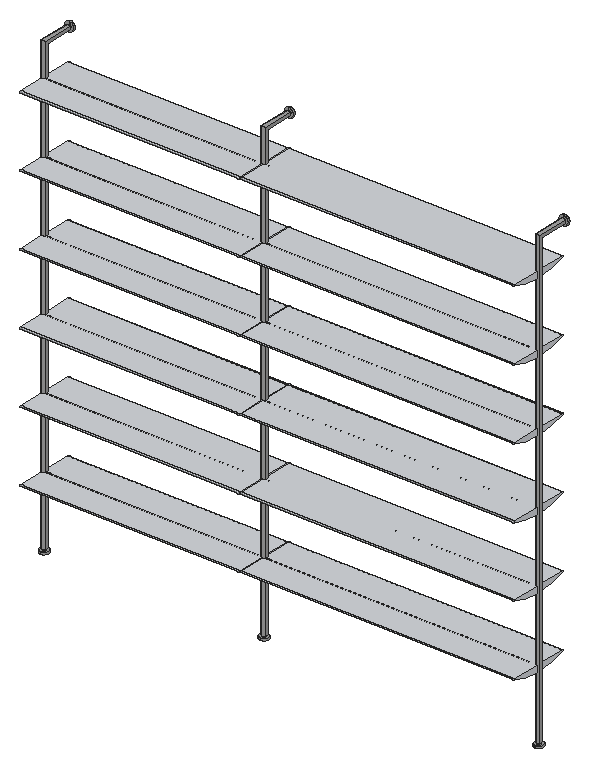
Revit family "Sailor_Parete_Composizione_1", category Arredi, Revit 2017
Family settings
  Numero OmniClass = 23.40.20.00
  Titolo OmniClass = General Furniture and Specialties
  Basato su piano di lavoro = No
  Sempre verticale = Sì
  Taglio con vuoti quando caricato = No
  Condiviso = No
  Punto di calcolo locali = No
Parameters
  VisibModulo4 = no
  VisibModulo3 = no
  VisibModulo2 = yes
  URL = "www.livingdivani.it"
  Produttore = "Living Divani"
  Modello = "Sailor"
  Lunghezza Modulo 3 = 900 mm
  Lunghezza Modulo 2 = 1500 mm
  Lunghezza Modulo 4 = 900 mm
  Lunghezza Modulo 1 = 1200 mm
Reference planes
  plane 1 "Centro (Fronte/Retro)": y = 0
  plane 2: z = 0
  plane 3 "Centro (Sinistra/Destra)": x = 0
Dimensions and locks
  aligned and locked: level to plane 2
  aligned and locked: nested 2 to nested 1
  aligned and locked: nested 3 to nested 2
  aligned and locked: nested 2 to nested 3
  aligned and locked: nested 4 to nested 3
  aligned and locked: nested 3 to nested 4
Nested families
  nested 1: "Sailor_Modulo_Base_Parete" at (0, 0, 0), LunghezzaRipiano <- "Lunghezza Modulo 1", type "Modulo 1"
    with VisibRipiano6 yes, VisibRipiano5 yes, VisibRipiano4 yes, VisibRipiano3 yes, VisibRipiano2 yes, VisibRipiano1 yes, LunghezzaRipiano 1200 mm
  nested 2: "Sailor_Modulo_Base_Parete" at (1200, 0, 0), LunghezzaRipiano <- "Lunghezza Modulo 2", visible <- "VisibModulo2", type "Modulo 2"
    with VisibRipiano6 yes, VisibRipiano5 yes, VisibRipiano4 yes, VisibRipiano3 yes, VisibRipiano2 yes, VisibRipiano1 yes, LunghezzaRipiano 1500 mm, PrimaAsta no
  nested 3: "Sailor_Modulo_Base_Parete" at (2700, 0, 0), LunghezzaRipiano <- "Lunghezza Modulo 3", visible <- "VisibModulo3", type "Modulo 3"
    with VisibRipiano6 yes, VisibRipiano5 yes, VisibRipiano4 yes, VisibRipiano3 yes, VisibRipiano2 yes, VisibRipiano1 yes, LunghezzaRipiano 900 mm, PrimaAsta no
  nested 4: "Sailor_Modulo_Base_Parete" at (3600, 0, 0), LunghezzaRipiano <- "Lunghezza Modulo 4", visible <- "VisibModulo4", type "Modulo 4"
    with VisibRipiano6 yes, VisibRipiano5 yes, VisibRipiano4 yes, VisibRipiano3 yes, VisibRipiano2 yes, VisibRipiano1 yes, LunghezzaRipiano 900 mm, PrimaAsta no
Definition of nested family "Sailor_Modulo_Base_Parete"
  Parameters (values of type "Sailor_Modulo_Base_Parete")
    VisibRipiano6 [instance] = yes
    VisibRipiano5 [instance] = yes
    VisibRipiano4 [instance] = yes
    VisibRipiano3 [instance] = yes
    VisibRipiano1 [instance] = yes
    VisibRipiano2 [instance] = yes
    Ripiani = none
    PrimaAsta = yes
    LunghezzaRipiano [instance] = 900 mm
    Aste = none
  Reference planes
    plane 1 "Centro (Fronte/Retro)": y = 0
    plane 2: z = 0
    plane 3 "Centro (Sinistra/Destra)": x = 0
    plane 4: y = 0
    plane 5 "Lunghezza Ripiano": x = 900
    plane 6 "primo ripiano": z = 383
    plane 7: y = 0
    plane 8: y = 0
    plane 9: y = 0
    plane 10: y = 0
    plane 11: y = 0
  Forms (mm)
    Revolve 1, solid, material <- "Aste", visible <- "PrimaAsta"
      sketch origin (0, 0, 0) x (0, 1, 0) y (0, 0, 1)
        loop
          line (0, 20) -> (0, 0) -> (19, 0) -> (20.125, 2.25) -> (25, 2.25) -> (25, 9.915) -> (7.761, 9.915) -> (6.996, 12.974) -> (5, 12.974) -> (5, 14.189) -> (7.229, 20) -> (0, 20)
        axis (0, 0) -> (0, 20)
      angle from 0 to 360
    Extrusion 2, solid, material <- "Ripiani", visible <- "VisibRipiano1"
      sketch origin (0, -315.449, -968.719) x (0, 1, 0) y (0, 0, 1)
        loop
          arc (153.449, 1369.219) -> (150.496, 1366.748) -> (152.408, 1363.405) r 3
          arc (152.408, 1363.405) -> (315.449, 1334.219) -> (478.489, 1363.405) r 469.983
          arc (478.489, 1363.405) -> (480.402, 1366.748) -> (477.449, 1369.219) r 3
          line (477.449, 1369.219) -> (153.449, 1369.219)
        loop
          circle (315.449, 1351.719) r 8
      from 0 to 900 <- "LunghezzaRipiano"
    Extrusion 3, solid, visible <- "PrimaAsta", not visible
      sketch origin (0, 0, 0) x (1, 0, 0) y (0, 1, 0)
        loop
          line (12.5, 7.217) -> (0, 14.434) -> (-12.5, 7.217) -> (-12.5, -7.217) -> (0, -14.434) -> (12.5, -7.217) -> (12.5, 7.217)
      from 20 to 2670
    Revolve 4, solid, visible <- "PrimaAsta", not visible
      sketch origin (0, 0, 0) x (0, 1, 0) y (0, 0, 1)
        loop
          line (0, 20) -> (0, 0) -> (19, 0) -> (20.125, 2.25) -> (25, 2.25) -> (25, 9.915) -> (7.761, 9.915) -> (6.996, 12.974) -> (5, 12.974) -> (5, 14.189) -> (7.229, 20) -> (0, 20)
        axis (0, 0) -> (0, 20)
      angle from 0 to 360
    Revolve 5, solid, visible <- "PrimaAsta", not visible
      sketch origin (0, 0, 2690) x (0, 1, 0) y (0, 0, -1)
        loop
          line (0, 20) -> (0, 0) -> (19, 0) -> (20.125, 2.25) -> (25, 2.25) -> (25, 9.915) -> (7.761, 9.915) -> (6.996, 12.974) -> (5, 12.974) -> (5, 14.189) -> (7.229, 20) -> (0, 20)
        axis (0, 0) -> (0, 20)
      angle from 0 to 360
    Revolve 6, solid, material <- "Aste"
      sketch origin (900, 0, 0) x (0, 1, 0) y (0, 0, 1)
        loop
          line (0, 20) -> (0, 0) -> (19, 0) -> (20.125, 2.25) -> (25, 2.25) -> (25, 9.915) -> (7.761, 9.915) -> (6.996, 12.974) -> (5, 12.974) -> (5, 14.189) -> (7.229, 20) -> (0, 20)
        axis (0, 0) -> (0, 20)
      angle from 0 to 360
    Extrusion 7, solid, material <- "Ripiani", visible <- "VisibRipiano2"
      sketch origin (0, -315.449, -583.719) x (0, 1, 0) y (0, 0, 1)
        loop
          arc (153.449, 1369.219) -> (150.496, 1366.748) -> (152.408, 1363.405) r 3
          arc (152.408, 1363.405) -> (315.449, 1334.219) -> (478.489, 1363.405) r 469.983
          arc (478.489, 1363.405) -> (480.402, 1366.748) -> (477.449, 1369.219) r 3
          line (477.449, 1369.219) -> (153.449, 1369.219)
        loop
          circle (315.449, 1351.719) r 8
      from 0 to 900 <- "LunghezzaRipiano"
    Extrusion 8, solid, material <- "Ripiani", visible <- "VisibRipiano3"
      sketch origin (0, -315.449, -198.719) x (0, 1, 0) y (0, 0, 1)
        loop
          arc (153.449, 1369.219) -> (150.496, 1366.748) -> (152.408, 1363.405) r 3
          arc (152.408, 1363.405) -> (315.449, 1334.219) -> (478.489, 1363.405) r 469.983
          arc (478.489, 1363.405) -> (480.402, 1366.748) -> (477.449, 1369.219) r 3
          line (477.449, 1369.219) -> (153.449, 1369.219)
        loop
          circle (315.449, 1351.719) r 8
      from 0 to 900 <- "LunghezzaRipiano"
    Extrusion 9, solid, material <- "Ripiani", visible <- "VisibRipiano4"
      sketch origin (0, -315.449, 186.281) x (0, 1, 0) y (0, 0, 1)
        loop
          arc (153.449, 1369.219) -> (150.496, 1366.748) -> (152.408, 1363.405) r 3
          arc (152.408, 1363.405) -> (315.449, 1334.219) -> (478.489, 1363.405) r 469.983
          arc (478.489, 1363.405) -> (480.402, 1366.748) -> (477.449, 1369.219) r 3
          line (477.449, 1369.219) -> (153.449, 1369.219)
        loop
          circle (315.449, 1351.719) r 8
      from 0 to 900 <- "LunghezzaRipiano"
    Extrusion 10, solid, material <- "Ripiani", visible <- "VisibRipiano5"
      sketch origin (0, -315.449, 571.281) x (0, 1, 0) y (0, 0, 1)
        loop
          arc (153.449, 1369.219) -> (150.496, 1366.748) -> (152.408, 1363.405) r 3
          arc (152.408, 1363.405) -> (315.449, 1334.219) -> (478.489, 1363.405) r 469.983
          arc (478.489, 1363.405) -> (480.402, 1366.748) -> (477.449, 1369.219) r 3
          line (477.449, 1369.219) -> (153.449, 1369.219)
        loop
          circle (315.449, 1351.719) r 8
      from 0 to 900 <- "LunghezzaRipiano"
    Extrusion 11, solid, material <- "Ripiani", visible <- "VisibRipiano6"
      sketch origin (0, -315.449, 956.281) x (0, 1, 0) y (0, 0, 1)
        loop
          arc (153.449, 1369.219) -> (150.496, 1366.748) -> (152.408, 1363.405) r 3
          arc (152.408, 1363.405) -> (315.449, 1334.219) -> (478.489, 1363.405) r 469.983
          arc (478.489, 1363.405) -> (480.402, 1366.748) -> (477.449, 1369.219) r 3
          line (477.449, 1369.219) -> (153.449, 1369.219)
        loop
          circle (315.449, 1351.719) r 8
      from 0 to 900 <- "LunghezzaRipiano"
    Extrusion 12, void
      sketch origin (-112.713, -21.581, 0) x (1, 0, 0) y (0, 1, 0)
        loop
          line (112.713, 36.015) -> (112.713, 7.147) -> (125.213, 14.364) -> (125.213, 28.798) -> (112.713, 36.015)
      from 361.476 to 406.494
    Extrusion 13, void
      sketch origin (862.713, -21.581, 0) x (-1, 0, 0) y (0, -1, 0)
        loop
          line (-37.287, -36.015) -> (-24.787, -28.798) -> (-24.787, -14.364) -> (-37.287, -7.147) -> (-37.287, -36.015)
      from 361.476 to 406.494
    Extrusion 14, void
      sketch origin (-112.713, -21.581, 385.443) x (0, -1, 0) y (1, 0, 0)
        loop
          line (-36.015, 112.713) -> (-7.147, 112.713) -> (-14.364, 125.213) -> (-28.798, 125.213) -> (-36.015, 112.713)
      from 361.476 to 406.494
    Extrusion 15, void
      sketch origin (862.713, -21.581, 385.443) x (0, 1, 0) y (-1, 0, 0)
        loop
          line (36.015, -37.287) -> (28.798, -24.787) -> (14.364, -24.787) -> (7.147, -37.287) -> (36.015, -37.287)
      from 361.476 to 406.494
    Extrusion 16, void
      sketch origin (-112.713, -21.581, 770.443) x (0, -1, 0) y (1, 0, 0)
        loop
          line (-36.015, 112.713) -> (-7.147, 112.713) -> (-14.364, 125.213) -> (-28.798, 125.213) -> (-36.015, 112.713)
      from 361.476 to 406.494
    Extrusion 17, void
      sketch origin (862.713, -21.581, 770.443) x (0, 1, 0) y (-1, 0, 0)
        loop
          line (36.015, -37.287) -> (28.798, -24.787) -> (14.364, -24.787) -> (7.147, -37.287) -> (36.015, -37.287)
      from 361.476 to 406.494
    Extrusion 18, void
      sketch origin (-112.713, -21.581, 1155.443) x (0, -1, 0) y (1, 0, 0)
        loop
          line (-36.015, 112.713) -> (-7.147, 112.713) -> (-14.364, 125.213) -> (-28.798, 125.213) -> (-36.015, 112.713)
      from 361.476 to 406.494
    Extrusion 19, void
      sketch origin (862.713, -21.581, 1155.443) x (0, 1, 0) y (-1, 0, 0)
        loop
          line (36.015, -37.287) -> (28.798, -24.787) -> (14.364, -24.787) -> (7.147, -37.287) -> (36.015, -37.287)
      from 361.476 to 406.494
    Extrusion 20, void
      sketch origin (-112.713, -21.581, 1540.443) x (0, -1, 0) y (1, 0, 0)
        loop
          line (-36.015, 112.713) -> (-7.147, 112.713) -> (-14.364, 125.213) -> (-28.798, 125.213) -> (-36.015, 112.713)
      from 361.476 to 406.494
    Extrusion 21, void
      sketch origin (862.713, -21.581, 1540.443) x (0, 1, 0) y (-1, 0, 0)
        loop
          line (36.015, -37.287) -> (28.798, -24.787) -> (14.364, -24.787) -> (7.147, -37.287) -> (36.015, -37.287)
      from 361.476 to 406.494
    Extrusion 22, void
      sketch origin (-112.713, -21.581, 1925.443) x (0, -1, 0) y (1, 0, 0)
        loop
          line (-36.015, 112.713) -> (-7.147, 112.713) -> (-14.364, 125.213) -> (-28.798, 125.213) -> (-36.015, 112.713)
      from 361.476 to 406.494
    Extrusion 23, void
      sketch origin (862.713, -21.581, 1925.443) x (0, 1, 0) y (-1, 0, 0)
        loop
          line (36.015, -37.287) -> (28.798, -24.787) -> (14.364, -24.787) -> (7.147, -37.287) -> (36.015, -37.287)
      from 361.476 to 406.494
    Sweep 24, solid, material <- "Aste", visible <- "PrimaAsta"
      path origin (0, 0, 0) x (0, 1, 0) y (0, 0, 1)
        loop
          line (0, 20) -> (0, 2496) -> (160.566, 2496)
      profile origin (0, 0, 1258) x (0, -1, 0) y (1, 0, 0)
        loop
          line (-14.434, 0) -> (-7.217, -12.5) -> (7.217, -12.5) -> (14.434, 0) -> (7.217, 12.5) -> (-7.217, 12.5) -> (-14.434, 0)
    Revolve 25, solid, material <- "Aste", visible <- "PrimaAsta"
      sketch origin (0, 180.566, 2496) x (0, 0, 1) y (0, -1, 0)
        loop
          line (0, 20) -> (0, -15) -> (3, -15) -> (3, 0) -> (19, 0) -> (20.125, 2.25) -> (25, 2.25) -> (25, 9.915) -> (7.761, 9.915) -> (6.996, 12.974) -> (5, 12.974) -> (5, 14.189) -> (7.229, 20) -> (0, 20)
        axis (0, -15) -> (0, 20)
      angle from 0 to 360
    Sweep 26, solid, material <- "Aste"
      path origin (900, 551.923, 1200) x (0, 1, 0) y (0, 0, 1)
        loop
          line (-551.923, -1180) -> (-551.923, 1296) -> (-391.357, 1296)
      profile origin (900, 0, 1258) x (0, -1, 0) y (1, 0, 0)
        loop
          line (14.434, 0) -> (7.217, 12.5) -> (-7.217, 12.5) -> (-14.434, 0) -> (-7.217, -12.5) -> (7.217, -12.5) -> (14.434, 0)
    Revolve 27, solid, material <- "Aste"
      sketch origin (900, 180.566, 2496) x (0, 0, 1) y (0, 1, 0)
        loop
          line (0, -20) -> (7.229, -20) -> (5, -14.189) -> (5, -12.974) -> (6.996, -12.974) -> (7.761, -9.915) -> (25, -9.915) -> (25, -2.25) -> (20.125, -2.25) -> (19, 0) -> (3, 0) -> (3, 15) -> (0, 15) -> (0, -20)
        axis (0, 15) -> (0, -20)
      angle from 0 to 360
  Cuts and joins
    Extrusion 12, Extrusion 13, Extrusion 14, Extrusion 15 cuts Extrusion 2
    Extrusion 12, Extrusion 13, Extrusion 22, Extrusion 23 cuts Extrusion 11
    Extrusion 14, Extrusion 15, Extrusion 16 cuts Extrusion 7
    Extrusion 16, Extrusion 17, Extrusion 18 cuts Extrusion 8
    Extrusion 18, Extrusion 19, Extrusion 20 cuts Extrusion 9
    Extrusion 20, Extrusion 21, Extrusion 22 cuts Extrusion 10
  Dimensions and locks
    equal spacing: Extrusion 2 sketch curve, plane 4, Extrusion 2 sketch curve, locked at 165 each
    "LunghezzaRipiano": plane 3 "Centro (Sinistra/Destra)" to plane 5 "Lunghezza Ripiano"
    plane 6 "primo ripiano" to level = 383 mm
    equal spacing: Extrusion 7 sketch curve, plane 7, Extrusion 7 sketch curve, locked at 165 each
    Extrusion 7 to plane 6 "primo ripiano" = 385 mm
    equal spacing: Extrusion 8 sketch curve, plane 8, Extrusion 8 sketch curve, locked at 165 each
    equal spacing: Extrusion 9 sketch curve, plane 9, Extrusion 9 sketch curve, locked at 165 each
    equal spacing: Extrusion 10 sketch curve, plane 10, Extrusion 10 sketch curve, locked at 165 each
    equal spacing: Extrusion 11 sketch curve, plane 11, Extrusion 11 sketch curve, locked at 165 each
    aligned and locked: level to plane 2
    aligned and locked: plane 4 to plane 1 "Centro (Fronte/Retro)"
    aligned and locked: plane 6 "primo ripiano" to Extrusion 2
    aligned and locked: cut or joined group of Extrusion 11, Extrusion 12, Extrusion 13, Extrusion 22, Extrusion 23 to cut or joined group of Extrusion 2, Extrusion 12, Extrusion 13, Extrusion 14, Extrusion 15  (x2)
    aligned and locked: plane 5 "Lunghezza Ripiano" to Revolve 6
    aligned and locked: Sweep 24 to Revolve 25
    aligned and locked: plane 5 "Lunghezza Ripiano" to Revolve 27
  Automatic sketch dimensions
    Extrusion 3 sketch curve to Extrusion 3 sketch curve = 7.217 mm  (x4)
    Revolve 4 sketch curve to Revolve 4 sketch curve = 1.996 mm
    Revolve 4 sketch curve to Revolve 4 sketch curve = 2.229 mm
    Revolve 4 sketch curve to Revolve 4 sketch curve = 0.765 mm
    Revolve 4 sketch curve to Revolve 4 sketch curve = 11.239 mm
    Revolve 4 sketch curve to Revolve 4 sketch curve = 1.125 mm
    Revolve 4 sketch curve to Revolve 4 sketch curve = 4.875 mm
    Revolve 4 sketch curve to Revolve 4 sketch curve = 3.059 mm
    Revolve 4 sketch curve to Revolve 4 sketch curve = 1.216 mm
    Revolve 4 sketch curve to Revolve 4 sketch curve = 5.811 mm
    Revolve 4 sketch curve to Revolve 4 sketch curve = 2780 mm
    Revolve 5 sketch curve to Revolve 5 sketch curve = 1.996 mm
    Revolve 5 sketch curve to Revolve 5 sketch curve = 2.229 mm
    Revolve 5 sketch curve to Revolve 5 sketch curve = 0.765 mm
    Revolve 5 sketch curve to Revolve 5 sketch curve = 11.239 mm
    Revolve 5 sketch curve to Revolve 5 sketch curve = 1.125 mm
    Revolve 5 sketch curve to Revolve 5 sketch curve = 4.875 mm
    Revolve 5 sketch curve to Revolve 5 sketch curve = 2.25 mm
    Revolve 5 sketch curve to Revolve 5 sketch curve = 9.915 mm
    Revolve 5 sketch curve to Revolve 5 sketch curve = 3.059 mm
    Revolve 5 sketch curve to Revolve 5 sketch curve = 1.216 mm
    Revolve 5 sketch curve to Revolve 5 sketch curve = 5.811 mm
    Revolve 5 sketch curve to Revolve 5 sketch curve = 0 mm  (x2)
    Extrusion 3 sketch curve to Extrusion 3 sketch curve = 12.5 mm  (x3)
    Extrusion 3 sketch curve to Extrusion 3 sketch curve = 14.434 mm
    Revolve 4 sketch curve to Revolve 4 sketch curve = 5 mm
    Revolve 4 sketch curve to Revolve 4 sketch curve = 2.25 mm
    Revolve 4 sketch curve to Revolve 4 sketch curve = 9.915 mm
    Revolve 4 sketch curve to Revolve 4 sketch curve = 0 mm  (x2)
    Revolve 5 sketch curve to Revolve 5 sketch curve = 5 mm
    Revolve 5 sketch curve to Revolve 5 sketch curve = 2780 mm
    Revolve 1 sketch curve to level = 0 mm  (x2)
    Revolve 1 sketch curve to plane 1 "Centro (Fronte/Retro)" = 0 mm  (x2)
    Revolve 1 sketch curve to plane 1 "Centro (Fronte/Retro)" = 5 mm
    Revolve 1 sketch curve to Revolve 1 sketch curve = 1.996 mm
    Revolve 1 sketch curve to Revolve 1 sketch curve = 2.229 mm
    Revolve 1 sketch curve to Revolve 1 sketch curve = 0.765 mm
    Revolve 1 sketch curve to Revolve 1 sketch curve = 11.239 mm
    level to Revolve 1 sketch curve = 2.25 mm
    Revolve 1 sketch curve to Revolve 1 sketch curve = 1.125 mm
    Revolve 1 sketch curve to Revolve 1 sketch curve = 4.875 mm
    level to Revolve 1 sketch curve = 9.915 mm
    Revolve 1 sketch curve to Revolve 1 sketch curve = 3.059 mm
    Revolve 1 sketch curve to Revolve 1 sketch curve = 1.216 mm
    Revolve 1 sketch curve to Revolve 1 sketch curve = 5.811 mm
    plane 6 "primo ripiano" to Revolve 1 sketch curve = 2417 mm
    Extrusion 2 sketch curve to plane 1 "Centro (Fronte/Retro)" = 0 mm  (x2)
    Extrusion 2 sketch curve to plane 6 "primo ripiano" = 0 mm
    plane 6 "primo ripiano" to Extrusion 2 sketch curve = 17.5 mm
    plane 1 "Centro (Fronte/Retro)" to Extrusion 2 sketch curve = 162 mm
    Extrusion 2 sketch curve to plane 1 "Centro (Fronte/Retro)" = 162 mm
    Extrusion 2 sketch curve to Extrusion 2 sketch curve = 3 mm
    Extrusion 2 sketch curve to Extrusion 2 sketch curve = 452.483 mm
    Extrusion 2 sketch curve to Extrusion 2 sketch curve = 0 mm
    Revolve 6 sketch curve to level = 0 mm  (x2)
    Revolve 6 sketch curve to plane 1 "Centro (Fronte/Retro)" = 0 mm  (x2)
    Revolve 6 sketch curve to plane 1 "Centro (Fronte/Retro)" = 5 mm
    Revolve 6 sketch curve to Revolve 6 sketch curve = 1.996 mm
    Revolve 6 sketch curve to Revolve 6 sketch curve = 2.229 mm
    Revolve 6 sketch curve to Revolve 6 sketch curve = 0.765 mm
    Revolve 6 sketch curve to Revolve 6 sketch curve = 11.239 mm
    level to Revolve 6 sketch curve = 2.25 mm
    Revolve 6 sketch curve to Revolve 6 sketch curve = 1.125 mm
    Revolve 6 sketch curve to Revolve 6 sketch curve = 4.875 mm
    level to Revolve 6 sketch curve = 9.915 mm
    Revolve 6 sketch curve to Revolve 6 sketch curve = 3.059 mm
    Revolve 6 sketch curve to Revolve 6 sketch curve = 1.216 mm
    Revolve 6 sketch curve to Revolve 6 sketch curve = 5.811 mm
    plane 6 "primo ripiano" to Revolve 6 sketch curve = 2417 mm
    Extrusion 7 sketch curve to plane 1 "Centro (Fronte/Retro)" = 0 mm  (x2)
    plane 1 "Centro (Fronte/Retro)" to Extrusion 7 sketch curve = 162 mm
    Extrusion 7 sketch curve to plane 1 "Centro (Fronte/Retro)" = 162 mm
    plane 6 "primo ripiano" to Extrusion 7 sketch curve = 385 mm
    Extrusion 7 sketch curve to Extrusion 7 sketch curve = 14.5 mm
    Extrusion 7 sketch curve to Extrusion 7 sketch curve = 3 mm
    Extrusion 7 sketch curve to Extrusion 7 sketch curve = 452.483 mm
    Extrusion 7 sketch curve to Extrusion 7 sketch curve = 0 mm
    Extrusion 8 sketch curve to plane 1 "Centro (Fronte/Retro)" = 0 mm  (x2)
    plane 1 "Centro (Fronte/Retro)" to Extrusion 8 sketch curve = 162 mm
    Extrusion 8 sketch curve to plane 1 "Centro (Fronte/Retro)" = 162 mm
    plane 6 "primo ripiano" to Extrusion 8 sketch curve = 770 mm
    Extrusion 8 sketch curve to Extrusion 8 sketch curve = 14.5 mm
    Extrusion 8 sketch curve to Extrusion 8 sketch curve = 3 mm
    Extrusion 8 sketch curve to Extrusion 8 sketch curve = 452.483 mm
    Extrusion 8 sketch curve to Extrusion 8 sketch curve = 0 mm
    Extrusion 9 sketch curve to plane 1 "Centro (Fronte/Retro)" = 0 mm  (x2)
    plane 1 "Centro (Fronte/Retro)" to Extrusion 9 sketch curve = 162 mm
    Extrusion 9 sketch curve to plane 1 "Centro (Fronte/Retro)" = 162 mm
    plane 6 "primo ripiano" to Extrusion 9 sketch curve = 1155 mm
    Extrusion 9 sketch curve to Extrusion 9 sketch curve = 14.5 mm
    Extrusion 9 sketch curve to Extrusion 9 sketch curve = 3 mm
    Extrusion 9 sketch curve to Extrusion 9 sketch curve = 452.483 mm
    Extrusion 9 sketch curve to Extrusion 9 sketch curve = 0 mm
    Extrusion 10 sketch curve to plane 1 "Centro (Fronte/Retro)" = 0 mm  (x2)
    plane 1 "Centro (Fronte/Retro)" to Extrusion 10 sketch curve = 162 mm
    Extrusion 10 sketch curve to plane 1 "Centro (Fronte/Retro)" = 162 mm
    plane 6 "primo ripiano" to Extrusion 10 sketch curve = 1540 mm
    Extrusion 10 sketch curve to Extrusion 10 sketch curve = 14.5 mm
    Extrusion 10 sketch curve to Extrusion 10 sketch curve = 3 mm
    Extrusion 10 sketch curve to Extrusion 10 sketch curve = 452.483 mm
    Extrusion 10 sketch curve to Extrusion 10 sketch curve = 0 mm
    Extrusion 11 sketch curve to plane 1 "Centro (Fronte/Retro)" = 0 mm  (x2)
    plane 1 "Centro (Fronte/Retro)" to Extrusion 11 sketch curve = 162 mm
    Extrusion 11 sketch curve to plane 1 "Centro (Fronte/Retro)" = 162 mm
    plane 6 "primo ripiano" to Extrusion 11 sketch curve = 1925 mm
    Extrusion 11 sketch curve to Extrusion 11 sketch curve = 14.5 mm
    Extrusion 11 sketch curve to Extrusion 11 sketch curve = 3 mm
    Extrusion 11 sketch curve to Extrusion 11 sketch curve = 452.483 mm
    Extrusion 11 sketch curve to Extrusion 11 sketch curve = 0 mm
    Extrusion 12 sketch curve to plane 3 "Centro (Sinistra/Destra)" = 0 mm
    plane 3 "Centro (Sinistra/Destra)" to Extrusion 12 sketch curve = 12.5 mm
    plane 1 "Centro (Fronte/Retro)" to Extrusion 12 sketch curve = 14.434 mm
    plane 1 "Centro (Fronte/Retro)" to Extrusion 12 sketch curve = 7.217 mm
    Extrusion 12 sketch curve to plane 1 "Centro (Fronte/Retro)" = 7.217 mm
    Extrusion 12 sketch curve to Extrusion 12 sketch curve = 7.217 mm
    Extrusion 13 sketch curve to plane 5 "Lunghezza Ripiano" = 0 mm
    plane 5 "Lunghezza Ripiano" to Extrusion 13 sketch curve = 12.5 mm
    Extrusion 13 sketch curve to plane 1 "Centro (Fronte/Retro)" = 14.434 mm
    Extrusion 13 sketch curve to plane 1 "Centro (Fronte/Retro)" = 7.217 mm
    plane 1 "Centro (Fronte/Retro)" to Extrusion 13 sketch curve = 7.217 mm
    plane 1 "Centro (Fronte/Retro)" to Extrusion 13 sketch curve = 14.434 mm
    Extrusion 14 sketch curve to plane 3 "Centro (Sinistra/Destra)" = 0 mm
    Extrusion 14 sketch curve to plane 1 "Centro (Fronte/Retro)" = 14.434 mm
    Extrusion 14 sketch curve to plane 1 "Centro (Fronte/Retro)" = 7.217 mm
    plane 1 "Centro (Fronte/Retro)" to Extrusion 14 sketch curve = 7.217 mm
    Extrusion 14 sketch curve to Extrusion 14 sketch curve = 7.217 mm
    plane 3 "Centro (Sinistra/Destra)" to Extrusion 14 sketch curve = 12.5 mm
    Extrusion 15 sketch curve to plane 5 "Lunghezza Ripiano" = 0 mm
    plane 1 "Centro (Fronte/Retro)" to Extrusion 15 sketch curve = 14.434 mm
    plane 1 "Centro (Fronte/Retro)" to Extrusion 15 sketch curve = 7.217 mm
    Extrusion 15 sketch curve to plane 1 "Centro (Fronte/Retro)" = 7.217 mm
    Extrusion 15 sketch curve to plane 1 "Centro (Fronte/Retro)" = 14.434 mm
    Extrusion 15 sketch curve to plane 5 "Lunghezza Ripiano" = 12.5 mm
    Extrusion 16 sketch curve to plane 3 "Centro (Sinistra/Destra)" = 0 mm
    Extrusion 16 sketch curve to plane 1 "Centro (Fronte/Retro)" = 14.434 mm
    Extrusion 16 sketch curve to plane 1 "Centro (Fronte/Retro)" = 7.217 mm
    plane 1 "Centro (Fronte/Retro)" to Extrusion 16 sketch curve = 7.217 mm
    Extrusion 16 sketch curve to Extrusion 16 sketch curve = 7.217 mm
    plane 3 "Centro (Sinistra/Destra)" to Extrusion 16 sketch curve = 12.5 mm
    Extrusion 17 sketch curve to plane 5 "Lunghezza Ripiano" = 0 mm
    plane 1 "Centro (Fronte/Retro)" to Extrusion 17 sketch curve = 14.434 mm
    plane 1 "Centro (Fronte/Retro)" to Extrusion 17 sketch curve = 7.217 mm
    Extrusion 17 sketch curve to plane 1 "Centro (Fronte/Retro)" = 7.217 mm
    Extrusion 17 sketch curve to plane 1 "Centro (Fronte/Retro)" = 14.434 mm
    Extrusion 17 sketch curve to plane 5 "Lunghezza Ripiano" = 12.5 mm
    Extrusion 18 sketch curve to plane 3 "Centro (Sinistra/Destra)" = 0 mm
    Extrusion 18 sketch curve to plane 1 "Centro (Fronte/Retro)" = 14.434 mm
    Extrusion 18 sketch curve to plane 1 "Centro (Fronte/Retro)" = 7.217 mm
    plane 1 "Centro (Fronte/Retro)" to Extrusion 18 sketch curve = 7.217 mm
    Extrusion 18 sketch curve to Extrusion 18 sketch curve = 7.217 mm
    plane 3 "Centro (Sinistra/Destra)" to Extrusion 18 sketch curve = 12.5 mm
    Extrusion 19 sketch curve to plane 5 "Lunghezza Ripiano" = 0 mm
    plane 1 "Centro (Fronte/Retro)" to Extrusion 19 sketch curve = 14.434 mm
    plane 1 "Centro (Fronte/Retro)" to Extrusion 19 sketch curve = 7.217 mm
    Extrusion 19 sketch curve to plane 1 "Centro (Fronte/Retro)" = 7.217 mm
    Extrusion 19 sketch curve to plane 1 "Centro (Fronte/Retro)" = 14.434 mm
    Extrusion 19 sketch curve to plane 5 "Lunghezza Ripiano" = 12.5 mm
    Extrusion 20 sketch curve to plane 3 "Centro (Sinistra/Destra)" = 0 mm
    Extrusion 20 sketch curve to plane 1 "Centro (Fronte/Retro)" = 14.434 mm
    Extrusion 20 sketch curve to plane 1 "Centro (Fronte/Retro)" = 7.217 mm
    plane 1 "Centro (Fronte/Retro)" to Extrusion 20 sketch curve = 7.217 mm
    Extrusion 20 sketch curve to Extrusion 20 sketch curve = 7.217 mm
    plane 3 "Centro (Sinistra/Destra)" to Extrusion 20 sketch curve = 12.5 mm
    Extrusion 21 sketch curve to plane 5 "Lunghezza Ripiano" = 0 mm
    plane 1 "Centro (Fronte/Retro)" to Extrusion 21 sketch curve = 14.434 mm
    plane 1 "Centro (Fronte/Retro)" to Extrusion 21 sketch curve = 7.217 mm
    Extrusion 21 sketch curve to plane 1 "Centro (Fronte/Retro)" = 7.217 mm
    Extrusion 21 sketch curve to plane 1 "Centro (Fronte/Retro)" = 14.434 mm
    Extrusion 21 sketch curve to plane 5 "Lunghezza Ripiano" = 12.5 mm
    Extrusion 22 sketch curve to plane 3 "Centro (Sinistra/Destra)" = 0 mm
    Extrusion 22 sketch curve to plane 1 "Centro (Fronte/Retro)" = 14.434 mm
    Extrusion 22 sketch curve to plane 1 "Centro (Fronte/Retro)" = 7.217 mm
    plane 1 "Centro (Fronte/Retro)" to Extrusion 22 sketch curve = 7.217 mm
    Extrusion 22 sketch curve to Extrusion 22 sketch curve = 7.217 mm
    plane 3 "Centro (Sinistra/Destra)" to Extrusion 22 sketch curve = 12.5 mm
    Extrusion 23 sketch curve to plane 5 "Lunghezza Ripiano" = 0 mm
    plane 1 "Centro (Fronte/Retro)" to Extrusion 23 sketch curve = 14.434 mm
    plane 1 "Centro (Fronte/Retro)" to Extrusion 23 sketch curve = 7.217 mm
    Extrusion 23 sketch curve to plane 1 "Centro (Fronte/Retro)" = 7.217 mm
    Extrusion 23 sketch curve to Extrusion 23 sketch curve = 7.217 mm
    Extrusion 23 sketch curve to plane 5 "Lunghezza Ripiano" = 12.5 mm
    Sweep 24 sketch curve to plane 1 "Centro (Fronte/Retro)" = 0 mm
    plane 6 "primo ripiano" to Sweep 24 sketch curve = 2113 mm
    Sweep 24 sketch curve to plane 1 "Centro (Fronte/Retro)" = 160.566 mm
    level to Sweep 24 sketch curve = 20 mm
    Sweep 24 sketch curve to plane 3 "Centro (Sinistra/Destra)" = 0 mm  (x2)
    profile plane to Sweep 24 sketch curve = 14.434 mm
    profile plane to Sweep 24 sketch curve = 7.217 mm  (x2)
    Sweep 24 sketch curve to profile plane = 7.217 mm  (x2)
    Sweep 24 sketch curve to Sweep 24 sketch curve = 7.217 mm
    Sweep 24 sketch curve to plane 3 "Centro (Sinistra/Destra)" = 12.5 mm
    plane 3 "Centro (Sinistra/Destra)" to Sweep 24 sketch curve = 12.5 mm
    Revolve 25 sketch curve to plane 1 "Centro (Fronte/Retro)" = 160.566 mm
    plane 6 "primo ripiano" to Revolve 25 sketch curve = 2113 mm  (x2)
    Revolve 25 sketch curve to Revolve 25 sketch curve = 3 mm
    Revolve 25 sketch curve to Revolve 25 sketch curve = 5 mm
    Revolve 25 sketch curve to plane 1 "Centro (Fronte/Retro)" = 167.593 mm
    Revolve 25 sketch curve to Revolve 25 sketch curve = 1.996 mm
    Revolve 25 sketch curve to Revolve 25 sketch curve = 2.229 mm
    Revolve 25 sketch curve to plane 1 "Centro (Fronte/Retro)" = 170.652 mm
    Revolve 25 sketch curve to Revolve 25 sketch curve = 0.765 mm
    Revolve 25 sketch curve to plane 1 "Centro (Fronte/Retro)" = 180.566 mm
    Revolve 25 sketch curve to Revolve 25 sketch curve = 11.239 mm
    Revolve 25 sketch curve to plane 1 "Centro (Fronte/Retro)" = 178.316 mm
    Revolve 25 sketch curve to Revolve 25 sketch curve = 1.125 mm
    Revolve 25 sketch curve to Revolve 25 sketch curve = 4.875 mm
    Revolve 25 sketch curve to Revolve 25 sketch curve = 15 mm
    Revolve 25 sketch curve to Revolve 25 sketch curve = 1.216 mm
    Revolve 25 sketch curve to Revolve 25 sketch curve = 0 mm
    plane 1 "Centro (Fronte/Retro)" to Revolve 25 sketch curve = 2619.434 mm
    Sweep 26 sketch curve to profile plane = 0 mm  (x2)
    profile plane to Sweep 26 sketch curve = 14.434 mm
    profile plane to Sweep 26 sketch curve = 7.217 mm  (x2)
    Sweep 26 sketch curve to profile plane = 7.217 mm  (x2)
    Sweep 26 sketch curve to profile plane = 14.434 mm
    Sweep 26 sketch curve to profile plane = 12.5 mm
    profile plane to Sweep 26 sketch curve = 12.5 mm
    Revolve 27 sketch curve to plane 1 "Centro (Fronte/Retro)" = 160.566 mm
    plane 6 "primo ripiano" to Revolve 27 sketch curve = 2113 mm  (x2)
    Revolve 27 sketch curve to Revolve 27 sketch curve = 3 mm
    Revolve 27 sketch curve to Revolve 27 sketch curve = 5 mm
    Revolve 27 sketch curve to plane 1 "Centro (Fronte/Retro)" = 167.593 mm
    Revolve 27 sketch curve to Revolve 27 sketch curve = 1.996 mm
    Revolve 27 sketch curve to Revolve 27 sketch curve = 2.229 mm
    Revolve 27 sketch curve to plane 1 "Centro (Fronte/Retro)" = 170.652 mm
    Revolve 27 sketch curve to Revolve 27 sketch curve = 0.765 mm
    Revolve 27 sketch curve to plane 1 "Centro (Fronte/Retro)" = 180.566 mm
    Revolve 27 sketch curve to Revolve 27 sketch curve = 11.239 mm
    Revolve 27 sketch curve to plane 1 "Centro (Fronte/Retro)" = 178.316 mm
    Revolve 27 sketch curve to Revolve 27 sketch curve = 1.125 mm
    Revolve 27 sketch curve to Revolve 27 sketch curve = 4.875 mm
    Revolve 27 sketch curve to Revolve 27 sketch curve = 1.216 mm
    Revolve 27 sketch curve to Revolve 27 sketch curve = 15 mm
    plane 1 "Centro (Fronte/Retro)" to Revolve 27 sketch curve = 2619.434 mm
    Revolve 27 sketch curve to Revolve 27 sketch curve = 0 mm
    Sweep 26 sketch curve to plane 1 "Centro (Fronte/Retro)" = 0 mm
    plane 6 "primo ripiano" to Sweep 26 sketch curve = 2113 mm
    Sweep 26 sketch curve to Sweep 26 sketch curve = 160.566 mm
    level to Sweep 26 sketch curve = 20 mm
    radius of Extrusion 2 sketch curve = 8 mm
    radius of Extrusion 7 sketch curve = 8 mm
    radius of Extrusion 8 sketch curve = 8 mm
    radius of Extrusion 9 sketch curve = 8 mm
    radius of Extrusion 10 sketch curve = 8 mm
    radius of Extrusion 11 sketch curve = 8 mm
